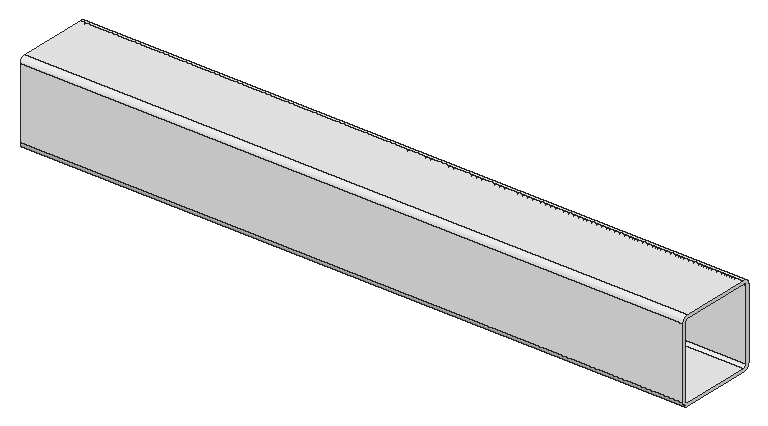
Revit family "M_HSS-Hollow Structural Section", category Armazón estructural, Revit 2025
Family settings
  Redondeo de longitud de armazón estructural = 0 mm
  Forma de sección = Sin definir
  Material para comportamiento de modelo = Acero
  Exportar siempre como geometría = No
  Número OmniClass = 23.25.30.11.14.14
  Título OmniClass = Beams
  Siempre vertical = Sí
  Corte con vacíos al cargar = No
  Representación simbólica = Desde configuración de proyecto
  Compartido = No
  Mostrar corte previo de familia en vistas de plano = Sí
Parameters (values of type "HSS - (15 x 15 x 1cm)")
  W = 0.286
  Structural Material = Steel, 45-345
  Assembly Code = ""
  Ht = 150 mm
  Length [instance] = 1524 mm
  Shape = "Square"
  b = 150 mm
  tr = 2 * t  # 10 mm
  t = 5 mm
  A = 0.00346 m²
  10. SISTEMA = ""
  06. DESCRIPCION = ""
  03. CODIGO DE ELEMENTO = ""
  02. ELEMENTO = ""
Types (11, lengths in mm): name | Structural Material | Ht | b | tr | t | 10. SISTEMA | 06. DESCRIPCION | 03. CODIGO DE ELEMENTO | 02. ELEMENTO
  HSS - (15 x 15 x 1cm) | Steel, 45-345 | 150 | 150 | 10 | 5 | "" | "" | "" | ""
  HSS - (20 x 20 x 1cm) | Steel, 45-345 | 200 | 200 | 10 | 5 | "" | "" | "" | ""
  Correa HSS - (50 x 100mm), E=4mm @2.03m | JG_Steel - Correa de Techo | 100 | 50 | 8 | 4 | "ESTRUCTURA METALICA" | "Soporte de Planchas de Cobertura Liviana - Acero Estructural Tubular ASTM  A500" | "MET-COR-01" | "CORREA METÁLICA TUBULAR"
  Cordon Inferior HSS - (50x50mm), E=3mm | JG_Steel - Cordón Inferior | 50 | 50 | 6 | 3 | "ESTRUCTURA METALICA" | "Elemento de Cercha Metálica - Acero Estructural ASTM  A36" | "MET-CI-01" | "CORDÓN INFERIOR"
  Cordon Superior HSS - (50x50mm), E=3mm | JG_Steel - Cordón Superior | 50 | 50 | 6 | 3 | "ESTRUCTURA METALICA" | "Elemento de Cercha Metálica - Acero Estructural ASTM  A36" | "MET-CS-01" | "CORDÓN SUPERIOR"
  Travesaño HSS - (25x50mm), E=3mm | JG_Steel - Tranvesaños | 25 | 50 | 6 | 3 | "ESTRUCTURA METALICA" | "Elemento de Cercha Metálica - Acero Estructural ASTM  A-500 Grado B" | "MET-TRA-01" | "TRAVESAÑO"
  Diagonal HSS - (50x50mm), E=3mm | JG_Steel - Diagonales | 50 | 50 | 6 | 3 | "ESTRUCTURA METALICA" | "Elemento de Cercha Metálica - Acero Estructural ASTM  A-500 Grado B" | "MET-DIA-01" | "DIAGONAL"
  Montante HSS - (50x50mm), E=3mm | JG_Steel - Montantes | 50 | 50 | 6 | 3 | "ESTRUCTURA METALICA" | "Elemento de Cercha Metálica - Acero Estructural ASTM  A-500 Grado B" | "MET-MON-01" | "MONTANTE"
  Cordon Superior HSS - (50x100mm), E=3mm | JG_Steel - Cordón Superior | 100 | 50 | 6 | 3 | "ESTRUCTURA METALICA" | "Elemento de Cercha Metálica - Acero Estructural ASTM  A-500 Grado B" | "MET-CS-01" | "CORDÓN SUPERIOR"
  Cordon Inferior HSS - (50x100mm), E=3mm | JG_Steel - Cordón Inferior | 100 | 50 | 6 | 3 | "ESTRUCTURA METALICA" | "Elemento de Cercha Metálica - Acero Estructural ASTM  A-500 Grado B" | "MET-CI-01" | "CORDÓN INFERIOR"
  Correa HSS 2" x 4", E=3mm @1.58m | JG_Steel - Correa de Techo | 101.6 | 50.8 | 6 | 3 | "ESTRUCTURAS" | "Soporte de Planchas de Cobertura Liviana - Acero Estructural Tubular ASTM  A500" | "MET-COR-01" | "CORREA METÁLICA TUBULAR"
Reference planes
  plane 1 "Center (Front/Back)": y = 0
  plane 2: z = 0
  plane 3 "Center (Left/Right)": x = 4.61
  plane 4 "Member Left": x = -604.99
  plane 5 "Member Right": x = 614.21
  plane 6: y = 75
  plane 7: y = -75
  plane 8 "Top": z = 75
  plane 9: z = -75
  plane 10 "Left": x = -757.39
  plane 11 "Right": x = 766.61
Forms (mm)
  Sweep 1, solid, material "Steel, 45-345" <- "Structural Material", detail levels fine
    path origin (0, 0, 0) x (1, 0, 0) y (0, 1, 0)
      loop
        line (614.21, 0) -> (-604.99, 0)
    profile "M_Hollow-Structural-Section-Profile-Fine : M_Hollow-Structural-Section-Profile-Fine" origin (4.61, 0, 0) x (0, -1, 0) y (0, 0, 1)
      loop
        arc (-65, 70) -> (-68.536, 68.536) -> (-70, 65) r 5
        line (-70, 65) -> (-70, -65)
        arc (-70, -65) -> (-68.536, -68.536) -> (-65, -70) r 5
        line (-65, -70) -> (65, -70)
        arc (65, -70) -> (68.536, -68.536) -> (70, -65) r 5
        line (70, -65) -> (70, 65)
        arc (70, 65) -> (68.536, 68.536) -> (65, 70) r 5
        line (65, 70) -> (-65, 70)
      loop
        arc (-75, -65) -> (-72.071, -72.071) -> (-65, -75) r 10
        line (-65, -75) -> (65, -75)
        arc (65, -75) -> (72.071, -72.071) -> (75, -65) r 10
        line (75, -65) -> (75, 65)
        arc (75, 65) -> (72.071, 72.071) -> (65, 75) r 10
        line (65, 75) -> (-65, 75)
        arc (-65, 75) -> (-72.071, 72.071) -> (-75, 65) r 10
        line (-75, 65) -> (-75, -65)
  Sweep 2, solid, material "Steel, 45-345" <- "Structural Material", detail levels medium
    path origin (0, 0, 0) x (1, 0, 0) y (0, 1, 0)
      loop
        line (614.21, 0) -> (-604.99, 0)
    profile "M_Hollow-Structural-Section-Profile-Medium : M_Hollow-Structural-Section-Profile-Medium" origin (4.61, 0, 0) x (0, -1, 0) y (0, 0, 1)
      loop
        line (-70, 70) -> (-70, -70) -> (70, -70) -> (70, 70) -> (-70, 70)
      loop
        line (-75, -75) -> (75, -75) -> (75, 75) -> (-75, 75) -> (-75, -75)
Lines and regions (mm)
  symbolic lines, style "Hidden Faces", detail levels medium+fine
    curve 1: line (614.21, -70, 0) -> (-604.99, -70, 0)
    curve 2: line (614.21, 70, 0) -> (-604.99, 70, 0)
    curve 3: line (-604.99, 0, 70) -> (614.21, 0, 70)
    curve 4: line (-604.99, 0, -70) -> (614.21, 0, -70)
  symbolic lines, style "Stick Symbols", detail levels coarse
    curve 5: line (4.61, -75, 75) -> (4.61, -75, -75)
    curve 6: line (4.61, -75, -75) -> (4.61, 75, -75)
    curve 7: line (4.61, 75, -75) -> (4.61, 75, 75)
    curve 8: line (4.61, 75, 75) -> (4.61, -75, 75)
Dimensions and locks
  "b": plane 6 to plane 7
  "Ht": plane 9 to plane 8 "Top"
  equal spacing: plane 9, plane 2, plane 8 "Top"
  equal spacing: plane 6, plane 1 "Center (Front/Back)", plane 7
  "t": plane 6 to curve 2
  "t": curve 1 to plane 7
  "t": plane 8 "Top" to curve 3
  "t": curve 4 to plane 9
  "Length": plane 10 "Left" to plane 11 "Right"
  aligned and locked: Sweep 1 sketch curve to plane 1 "Center (Front/Back)"
  aligned and locked: Sweep 2 sketch curve to plane 1 "Center (Front/Back)"
  aligned and locked: curve 5 to Sweep 2
  aligned and locked: curve 6 to Sweep 2
  aligned and locked: curve 7 to Sweep 2
  aligned and locked: curve 8 to Sweep 2
  aligned and locked: plane 4 "Member Left" to Sweep 2 sketch curve
  aligned and locked: plane 5 "Member Right" to Sweep 2 sketch curve
  aligned and locked: plane 4 "Member Left" to Sweep 1 sketch curve
  aligned and locked: plane 5 "Member Right" to Sweep 1 sketch curve
  aligned and locked: plane 4 "Member Left" to curve 2
  aligned and locked: plane 4 "Member Left" to curve 1
  aligned and locked: plane 5 "Member Right" to curve 2
  aligned and locked: plane 5 "Member Right" to curve 1
  aligned and locked: plane 4 "Member Left" to curve 3
  aligned and locked: plane 4 "Member Left" to curve 4
  aligned and locked: plane 5 "Member Right" to curve 3
  aligned and locked: plane 5 "Member Right" to curve 4
